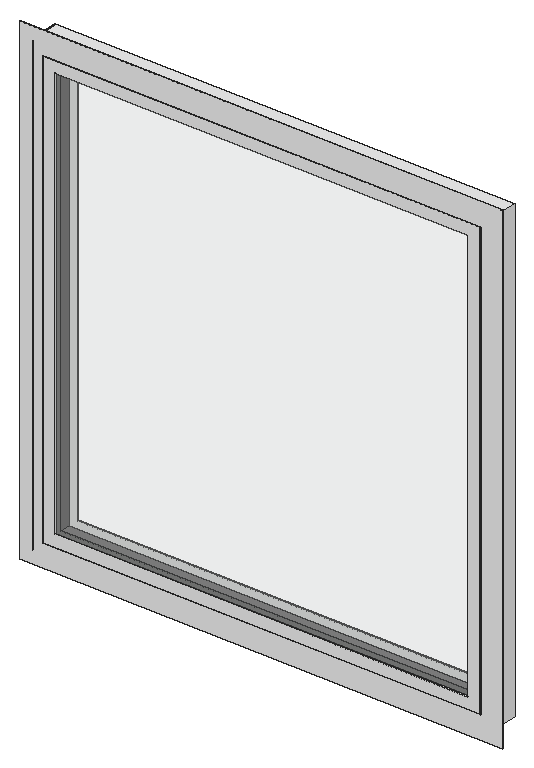
Revit family "Casement_34_E_Top_Hung_Standard", category Windows, host Wall, Revit 2014
Parameters (values of type "Casement_Sash_DG")
  Width Sash [instance] = 30 mm
  Width Sash Inner = 15 mm
  Width Bead = 15 mm
  Top Hung [instance] = yes
  Side Hung Right [instance] = yes
  Side Hung Left [instance] = yes
  Sash Opening Width [instance] = 600 mm
  Sash Opening Height [instance] = 600.312 mm
  Sash Lip = 15 mm
  Glazing Material [instance] = Glass
  DG Start Piece 2 [instance] = DG End Piece 1 + DG Gasket Thickness  # 25 mm
  DG Start Peice 1 [instance] = (Depth Sash - (2 * DG Glazing Thickness) - DG Gasket Thickness) / 2  # 6.6 mm
  Glazing Offset = 5 mm
  DG Glazing Thickness [instance] = 6.4 mm
  DG Gasket Thickness = 12 mm  # constant formula
  DG Gasket Material [instance] = Double Glazing Gasket Material
  DG End Piece 2 [instance] = DG Start Piece 2 + DG Glazing Thickness  # 31.4 mm
  DG End Piece 1 [instance] = DG Start Peice 1 + DG Glazing Thickness  # 13 mm
  Depth Sash [instance] = 38 mm
  Center Vertical Sash [instance] = Sash Opening Height / 2  # 300.156 mm
  Center Horizontal Sash [instance] = Sash Opening Width / 2  # 300 mm
  Bottom Hung [instance] = yes
  Bead Offset = 15 mm
  Aluminium Thickness = 1 mm
  Aluminium Material [instance] = White Powder Coated Aluminium
Reference planes
  plane 1 "Center (Front/Back)": y = 0
  plane 2: z = 0
  plane 3 "Center (Left/Right)": x = 0
Forms (mm)
  Sweep 1, solid, material "White Powder Coated Aluminium" <- "Aluminium Material"
    path origin (16.177, 0, 121.331) x (1, 0, 0) y (0, 0, 1)
      loop
        line (0, 0) -> (600, 0) -> (600, 600.312) -> (0, 600.312) -> (0, 0)
    profile origin (316.177, 0, 121.331) x (0, 0, 1) y (0, -1, 0)
      loop
        line (0, 0) -> (30, 0) -> (30, 1) -> (15, 1) -> (15, 38) -> (-15, 38) -> (-15, 37) -> (0, 37) -> (0, 0)
      loop
        line (14, 1) -> (14, 37) -> (1, 37) -> (1, 1) -> (14, 1)
  Sweep 2, solid, material "White Powder Coated Aluminium" <- "Aluminium Material"
    path origin (0, 0, 0) x (1, 0, 0) y (0, 0, 1)
      loop
        line (31.177, 706.643) -> (31.177, 136.331) -> (601.177, 136.331) -> (601.177, 706.643) -> (31.177, 706.643)
    profile origin (316.177, 0, 706.643) x (0, 0, 1) y (0, -1, 0)
      loop
        line (0, 37) -> (0, 38) -> (-15, 38) -> (-15, 37) -> (0, 37)
  Extrusion 3, solid, material "Glass" <- "Glazing Material"
    sketch origin (0, 0, 0) x (1, 0, 0) y (0, 0, 1)
      loop
        line (36.177, 701.643) -> (36.177, 141.331) -> (596.177, 141.331) -> (596.177, 701.643) -> (36.177, 701.643)
    from 6.6 <- "DG Start Peice 1" to 13 <- "DG End Piece 1"
  Extrusion 4, solid, material "Glass" <- "Glazing Material"
    sketch origin (0, 0, 0) x (1, 0, 0) y (0, 0, 1)
      loop
        line (36.177, 701.643) -> (36.177, 141.331) -> (596.177, 141.331) -> (596.177, 701.643) -> (36.177, 701.643)
    from 31.4 <- "DG End Piece 2" to 25 <- "DG Start Piece 2"
  Sweep 5, solid, material "Double Glazing Gasket Material" <- "DG Gasket Material"
    path origin (0, -13, 0) x (1, 0, 0) y (0, 0, 1)
      loop
        line (36.177, 701.643) -> (36.177, 141.331) -> (596.177, 141.331) -> (596.177, 701.643) -> (36.177, 701.643)
    profile origin (316.177, -13, 701.643) x (0, 0, 1) y (0, -1, 0)
      loop
        line (0, 0) -> (0, 12) -> (-7.96, 12) -> (-7.96, 0) -> (0, 0)
Lines and regions (mm)
  model lines
    curve 1: line (1.177, -38, 736.643) -> (31.177, -38, 706.643)
    curve 2: line (601.177, -38, 706.643) -> (631.177, -38, 736.643)
    curve 3: line (601.177, -38, 136.331) -> (631.177, -38, 106.331)
    curve 4: line (1.177, -38, 106.331) -> (31.177, -38, 136.331)
    curve 5: line (631.177, -37, 736.643) -> (616.177, -37, 721.643)
    curve 6: line (1.177, -37, 736.643) -> (16.177, -37, 721.643)
    curve 7: line (1.177, -37, 106.331) -> (16.177, -37, 121.331)
    curve 8: line (631.177, -37, 106.331) -> (616.177, -37, 121.331)
    curve 9: line (616.177, 0, 121.331) -> (586.177, 0, 151.331)
    curve 10: line (46.177, 0, 151.331) -> (16.177, 0, 121.331)
    curve 11: line (616.177, 0, 721.643) -> (586.177, 0, 691.643)
    curve 12: line (46.177, 0, 691.643) -> (16.177, 0, 721.643)
    curve 13: line (31.177, -38, 691.643) -> (46.177, -38, 691.643)
    curve 14: line (586.177, -38, 691.643) -> (601.177, -38, 691.643)
    curve 15: line (586.177, -38, 151.331) -> (601.177, -38, 151.331)
    curve 16: line (31.177, -38, 151.331) -> (46.177, -38, 151.331)
  model lines, style "GenericModelHiddenLines", visible <- "Top Hung"
    curve 17: line (46.386, -31.4, 690.914) -> (316.177, -31.4, 151.331)
    curve 18: line (316.177, -31.4, 151.331) -> (586.177, -31.4, 691.331)
  model lines, style "GenericModelHiddenLines", visible <- "Bottom Hung"
    curve 19: line (46.177, -31.4, 151.331) -> (316.177, -31.4, 691.331)
    curve 20: line (316.177, -31.4, 691.331) -> (586.177, -31.4, 151.331)
  model lines, style "GenericModelHiddenLines", visible <- "Side Hung Left"
    curve 21: line (46.386, -31.4, 690.914) -> (585.24, -31.4, 421.487)
    curve 22: line (585.24, -31.4, 421.487) -> (46.177, -31.4, 151.331)
  model lines, style "GenericModelHiddenLines", visible <- "Side Hung Right"
    curve 23: line (586.177, -31.4, 691.331) -> (46.177, -31.4, 421.487)
    curve 24: line (46.177, -31.4, 421.487) -> (586.177, -31.4, 151.331)
Dimensions and locks
  "Aluminium Thickness": Sweep 1 sketch curve to Sweep 1 sketch curve  (x4)
  "Depth Sash": Sweep 1 sketch curve to Sweep 1 sketch curve
  "Sash Opening Width": Sweep 1 to Sweep 1
  "Sash Opening Height": Sweep 1 to Sweep 1
  "Width Sash": Sweep 1 sketch curve to Sweep 1 sketch curve  (x2)
  "Width Sash Inner": Sweep 1 sketch curve to Sweep 1 sketch curve
  "Sash Lip": Sweep 1 sketch curve to Sweep 1 sketch curve
  "Aluminium Thickness": Sweep 1 to Sweep 2 sketch curve
  "Glazing Offset": Sweep 2 to Extrusion 3 sketch curve  (x3)
  "Glazing Offset": Extrusion 3 sketch curve to Sweep 2
  Sweep 1 to Sweep 1 = 1 mm
  "Aluminium Thickness": Sweep 2 sketch curve to Sweep 2 sketch curve
  "Width Bead": Sweep 2 sketch curve to Sweep 2 sketch curve
  locked: Sweep 5 sketch curve to Sweep 5 sketch curve at 7.96
  "Center Horizontal Sash": Sweep 1 to curve 18
  "Center Horizontal Sash": Sweep 1 to curve 20
  "Center Vertical Sash": Sweep 1 to curve 22
  "Center Vertical Sash": Sweep 1 to curve 24
  aligned and locked: level to plane 2
  aligned and locked: Sweep 1 sketch curve to Sweep 1 sketch curve  (x2)
  aligned and locked: Sweep 2 sketch curve to Sweep 1  (x5)
  aligned and locked: Extrusion 4 sketch curve to Extrusion 3  (x4)
  aligned and locked: Sweep 5 sketch curve to Extrusion 3  (x5)
  aligned and locked: Extrusion 3 to Sweep 5 sketch curve
Automatic sketch dimensions
  plane 3 "Center (Left/Right)" to Sweep 1 sketch curve = 16.177 mm
  level to Sweep 1 sketch curve = 121.331 mm
  plane 3 "Center (Left/Right)" to Sweep 1 sketch curve = 616.177 mm
  level to Sweep 1 sketch curve = 721.643 mm
  profile plane to Sweep 5 sketch curve = 12 mm
  curve 7 to Sweep 1 = 0 mm  (x4)
  curve 6 to Sweep 1 = 0 mm  (x3)
  Sweep 1 to curve 6 = 0 mm
  curve 5 to Sweep 1 = 0 mm  (x3)
  curve 8 to Sweep 1 = 0 mm  (x4)
  Sweep 1 to curve 5 = 0 mm
  curve 16 to Sweep 2 = 0 mm  (x3)
  curve 13 to Sweep 2 = 0 mm  (x3)
  curve 15 to Sweep 2 = 0 mm
  Sweep 2 to curve 15 = 0 mm  (x2)
  curve 14 to Sweep 2 = 0 mm  (x2)
  Sweep 2 to curve 14 = 0 mm
  curve 1 to Sweep 1 = 0 mm  (x4)
  curve 4 to Sweep 1 = 0 mm  (x3)
  Sweep 1 to curve 4 = 0 mm
  curve 3 to Sweep 1 = 0 mm  (x3)
  curve 2 to Sweep 1 = 0 mm  (x4)
  Sweep 1 to curve 3 = 0 mm
  curve 10 to Sweep 1 = 0 mm  (x4)
  curve 12 to Sweep 1 = 0 mm  (x3)
  Sweep 1 to curve 12 = 0 mm
  curve 9 to Sweep 1 = 0 mm  (x4)
  curve 11 to Sweep 1 = 0 mm  (x3)
  Sweep 1 to curve 11 = 0 mm
  Sweep 1 sketch curve to plane 1 "Center (Front/Back)" = 0 mm
  profile plane to Sweep 1 sketch curve = 0 mm
  curve 21 to Extrusion 4 = 10.208 mm
  curve 19 to Extrusion 4 = 10 mm
  curve 23 to Extrusion 4 = 10 mm  (x2)
  curve 22 to Extrusion 4 = 10.937 mm
  curve 20 to Extrusion 4 = 10 mm
  curve 24 to Extrusion 4 = 10 mm
  curve 22 to Extrusion 4 = 10 mm
  curve 18 to Extrusion 4 = 10 mm
  curve 21 to Extrusion 4 = 10.729 mm
  curve 19 to Extrusion 4 = 10.312 mm
  curve 18 to Extrusion 4 = 10.312 mm
Types in the file's own list only (6): name | Windload Design | Width Sash Opening | Width Sash | Width Profile | Width Fixed Pane RHS | Width Fixed Pane Bottom LHS | Width Panel 1 | Width | URL | Offset Window Exterior | Max System DG Unit Thickness | Max System DG One Piece Thickness | Max Pane Area | Limit Fixed Pane Width Min | Limit Fixed Pane Width Max | Limit Fixed Pane Height Min | Limit Fixed Pane Height Max | Intruderprufe U Value | Intruderprufe SHGC Value | Intruderprufe LowE U Value | Intruderprufe LowE SHGC Value | Height | Energy Advantage U Value | Energy Advantage SHGC Value | DG Thickness Calc | Custom Window Width | Custom Window Height | Window Exterior Offset | Custom Windload | Custom Sash Width | Custom Sash Height | Sash Spacing Inner | Sash Overlap | Sash Center Offset | SG Gasket Thickness | Offset Sash Left | Offset Sash Top | Offset Panel 4 Left | Offset Panel 3 Bead Top | Offset Mullion Left | Offset Transom Top | Offset Bead SG Center Reversed | Model | Manufacturer | Limit Window Width Min | Limit Window Width Max | Limit Window Height Min | Limit Window Height Max | Limit Sash Width Min | Limit Sash Width Max | Limit Sash Height Min | Limit Sash Height Max | Length Transom | Length Mullion | Height Sash Opening | Height Sash | Height Fixed Pane RHS | Height Fixed Pane Bottom LHS | Height Panel 1 | Description | Depth Mullion | Frame Center Offset | Depth Bead | Default Sill Height | Wall Closure | DG Gasket Finish | DG Extrusion Start | Mullion Depth Windload Based | Clearvue U Value | Clearvue SHGC Value | Clearvue Insulated U Value | Clearvue Insulated SHGC Value | Clearvue Insulated LowE U Value | Clearvue Insulated LowE SHGC Value | Casement Dimension | Bottom Hung | Bead SG Gap | Area Pane Right | Area Pane Left Top | Area Pane Left Bottom
  34-1209T-1000Pa | 1000 mm | 554 mm | 524 mm | 30 mm | 560 mm | 540 mm | 540 mm | 1190 mm | "http://www.crealco.co.za/crealco-products.php" | 17 mm | 20 mm | 4 mm | 0.45 m² | 200 mm | 1500 mm | 200 mm | 1800 mm | 7.33 | 0.684 | 5.43 | 0.607 | 890 mm | 5.66 | 0.648 | 4 mm | 1190 mm | 890 mm | 0 mm | 1000 mm | 554 mm | 554 mm | 8 mm | 7 mm | 14 mm | 6 mm | 23 mm | 23 mm | 600 mm | 600 mm | 570 mm | 570 mm | 17 mm | "Casement 34" | "Crealco" | 830 mm | 2130 mm | 830 mm | 1860 mm | 300 mm | 1200 mm | 300 mm | 900 mm | 540 mm | 890 mm | 554 mm | 524 mm | 830 mm | 260 mm | 539 mm | "Window 34mm, Type E top hung" | 35 mm | 17 mm | 20 mm | 800 mm | By host | Double Glazing Gasket Material | 7 mm | 35 mm | 7.38 | 0.724 | 4.92 | 0.644 | 4.24 | 0.586 | 34 mm | No | 13 mm | 0.45 m² | 0.23 m² | 0.13 m²
  34-1209T-1500Pa | 1500 mm | 554 mm | 524 mm | 30 mm | 560 mm | 540 mm | 540 mm | 1190 mm | "http://www.crealco.co.za/crealco-products.php" | 17 mm | 20 mm | 4 mm | 0.45 m² | 200 mm | 1500 mm | 200 mm | 1800 mm | 7.33 | 0.684 | 5.43 | 0.607 | 890 mm | 5.66 | 0.648 | 4 mm | 1190 mm | 890 mm | 0 mm | 1500 mm | 554 mm | 554 mm | 8 mm | 7 mm | 14 mm | 6 mm | 23 mm | 23 mm | 600 mm | 600 mm | 570 mm | 570 mm | 17 mm | "Casement 34" | "Crealco" | 830 mm | 2130 mm | 830 mm | 1860 mm | 300 mm | 1200 mm | 300 mm | 900 mm | 540 mm | 890 mm | 554 mm | 524 mm | 830 mm | 260 mm | 539 mm | "Window 34mm, Type E top hung" | 35 mm | 17 mm | 20 mm | 800 mm | By host | Double Glazing Gasket Material | 7 mm | 35 mm | 7.38 | 0.724 | 4.92 | 0.644 | 4.24 | 0.586 | 34 mm | No | 13 mm | 0.45 m² | 0.23 m² | 0.13 m²
  34-1209T-2000Pa | 2000 mm | 554 mm | 524 mm | 30 mm | 560 mm | 540 mm | 540 mm | 1190 mm | "http://www.crealco.co.za/crealco-products.php" | 17 mm | 20 mm | 4 mm | 0.45 m² | 200 mm | 1500 mm | 200 mm | 1800 mm | 7.33 | 0.684 | 5.43 | 0.607 | 890 mm | 5.66 | 0.648 | 4 mm | 1190 mm | 890 mm | 0 mm | 2000 mm | 554 mm | 554 mm | 8 mm | 7 mm | 14 mm | 6 mm | 23 mm | 23 mm | 600 mm | 600 mm | 570 mm | 570 mm | 17 mm | "Casement 34" | "Crealco" | 830 mm | 2130 mm | 830 mm | 1860 mm | 300 mm | 1200 mm | 300 mm | 900 mm | 540 mm | 890 mm | 554 mm | 524 mm | 830 mm | 260 mm | 539 mm | "Window 34mm, Type E top hung" | 35 mm | 17 mm | 20 mm | 800 mm | By host | Double Glazing Gasket Material | 7 mm | 35 mm | 7.38 | 0.724 | 4.92 | 0.644 | 4.24 | 0.586 | 34 mm | No | 13 mm | 0.45 m² | 0.23 m² | 0.13 m²
  34-1509T-1000Pa | 1000 mm | 554 mm | 524 mm | 30 mm | 860 mm | 540 mm | 540 mm | 1490 mm | "http://www.crealco.co.za/crealco-products.php" | 17 mm | 20 mm | 4 mm | 0.70 m² | 200 mm | 1500 mm | 200 mm | 1800 mm | 7.57 | 0.752 | 5.46 | 0.666 | 890 mm | 5.73 | 0.712 | 4 mm | 1490 mm | 890 mm | 0 mm | 1000 mm | 554 mm | 554 mm | 8 mm | 7 mm | 14 mm | 6 mm | 23 mm | 23 mm | 600 mm | 600 mm | 570 mm | 570 mm | 17 mm | "Casement 34" | "Crealco" | 830 mm | 2130 mm | 830 mm | 1860 mm | 300 mm | 1200 mm | 300 mm | 900 mm | 540 mm | 890 mm | 554 mm | 524 mm | 830 mm | 260 mm | 539 mm | "Window 34mm, Type E top hung" | 35 mm | 17 mm | 20 mm | 800 mm | By host | Double Glazing Gasket Material | 7 mm | 35 mm | 7.64 | 0.795 | 4.9 | 0.706 | 4.16 | 0.643 | 34 mm | No | 13 mm | 0.70 m² | 0.23 m² | 0.13 m²
  34-1509T-1500Pa | 1500 mm | 554 mm | 524 mm | 30 mm | 860 mm | 540 mm | 540 mm | 1490 mm | "http://www.crealco.co.za/crealco-products.php" | 17 mm | 20 mm | 4 mm | 0.70 m² | 200 mm | 1500 mm | 200 mm | 1800 mm | 7.57 | 0.752 | 5.46 | 0.666 | 890 mm | 5.73 | 0.712 | 4 mm | 1490 mm | 890 mm | 0 mm | 1500 mm | 554 mm | 554 mm | 8 mm | 7 mm | 14 mm | 6 mm | 23 mm | 23 mm | 600 mm | 600 mm | 570 mm | 570 mm | 17 mm | "Casement 34" | "Crealco" | 830 mm | 2130 mm | 830 mm | 1860 mm | 300 mm | 1200 mm | 300 mm | 900 mm | 540 mm | 890 mm | 554 mm | 524 mm | 830 mm | 260 mm | 539 mm | "Window 34mm, Type E top hung" | 35 mm | 17 mm | 20 mm | 800 mm | By host | Double Glazing Gasket Material | 7 mm | 35 mm | 7.64 | 0.795 | 4.9 | 0.706 | 4.16 | 0.643 | 34 mm | No | 13 mm | 0.70 m² | 0.23 m² | 0.13 m²
  34-1509T-2000Pa | 2000 mm | 554 mm | 524 mm | 30 mm | 860 mm | 540 mm | 540 mm | 1490 mm | "http://www.crealco.co.za/crealco-products.php" | 17 mm | 20 mm | 4 mm | 0.70 m² | 200 mm | 1500 mm | 200 mm | 1800 mm | 7.57 | 0.752 | 5.46 | 0.666 | 890 mm | 5.73 | 0.712 | 4 mm | 1490 mm | 890 mm | 0 mm | 2000 mm | 554 mm | 554 mm | 8 mm | 7 mm | 14 mm | 6 mm | 23 mm | 23 mm | 600 mm | 600 mm | 570 mm | 570 mm | 17 mm | "Casement 34" | "Crealco" | 830 mm | 2130 mm | 830 mm | 1860 mm | 300 mm | 1200 mm | 300 mm | 900 mm | 540 mm | 890 mm | 554 mm | 524 mm | 830 mm | 260 mm | 539 mm | "Window 34mm, Type E top hung" | 35 mm | 17 mm | 20 mm | 800 mm | By host | Double Glazing Gasket Material | 7 mm | 35 mm | 7.64 | 0.795 | 4.9 | 0.706 | 4.16 | 0.643 | 34 mm | No | 13 mm | 0.70 m² | 0.23 m² | 0.13 m²
